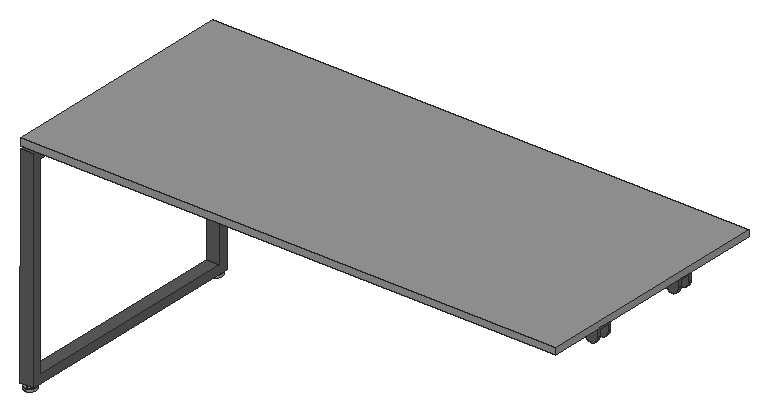
Revit family "Haworth_Tibas_Desk_Rectangular_EU_PRELIMINARY1", category Furniture, Revit 2019
Family settings
  OmniClass Number = 23.40.70.14.64.11
  OmniClass Title = Office Furniture
  Work Plane-Based = No
  Always vertical = Yes
  Cut with Voids When Loaded = No
  Shared = No
  Room Calculation Point = No
Parameters (values of type "200w")
  Worksurface Width = "120, 140, 160, 180, 200cm"  # constant formula
  Worksurface Depth = "60, 70, 80, 90cm"  # constant formula
  Warranty = "http://www.haworth.com/resources/product-info/warranties"
  U Shape Cable Outlet = no
  U-Leg Frame R [instance] = no
  U-Leg Frame [instance] = no
  Type Comments = ""
  URL = "https://www.haworth.com/eu/en.html"
  Trim Finish = Haworth _ Polymer _ Undecided
  Top Finish [instance] = Haworth _ Laminate _ Undecided _ Tables
  Structure = no
  Size = "Verify Final Dim.w/ Haworth"  # constant formula
  Round Cable Outlet = no
  Revision Number = "1"  # constant formula
  Return Extension = not(Structure)  # yes
  Product URL = "https://www.haworth.com/eu/en/products/office-desks/tibas.html"
  O-Leg Frame R [instance] = no
  O-Leg Frame [instance] = yes
  No Accessory Kit = not(or(Accessory Kit, Flip Top Cable Outlet, Round Cable Outlet))  # yes
  Model = "TILDXXXX"  # constant formula
  Manufacturer = "Haworth"  # constant formula
  Leg Height = Actual Height - 3.5 cm  # 80.0025 cm
  Horizontal Cable Tray Wire Single = not(or(No Accessory Kit, Horizontal Cable Tray Single))  # no
  Horizontal Cable Tray Single = no
  Flip Top Cable Outlet = no
  Epure Cable Outlet = no
  Description = "Haworth - Tibas - Desk - Rectangular"  # constant formula
  Cable Tray Width = Actual Width - 50 cm  # 150 cm
  Cable Tray Finish = Haworth _ Paint _ Metallic Silver
  Base Finish [instance] = Haworth _ Paint _ Black
  Author = "Haworth (Abd Rahman)"  # constant formula
  Assembly Code = "E2020200"
  Actual Width = 200 cm
  Actual Height = 83.5025 cm
  Actual Depth = if([60 Depth], 60 cm, if([70 Depth], 70 cm, if([80 Depth], 80 cm, 90 cm)))  # 90 cm
  Accessory Kit = and(or(Epure Cable Outlet, Flip Top Cable Outlet, Round Cable Outlet, U Shape Cable Outlet))  # no
  A-Leg Frame R [instance] = no
  A-Leg Frame [instance] = no
  90 Depth = yes
  80cm = no
  80 Depth = no
  70 Depth = not(or([60 Depth], [80 Depth], [90 Depth]))  # no
  60 Depth = no
  180cm = Actual Width = 200 cm  # yes
  160cm = Actual Width = 180 cm  # no
  140cm = Actual Width = 160 cm  # no
  120cm = Actual Width = 140 cm  # no
  100cm = Actual Width = 120 cm  # no
Reference planes (cm)
  plane 1 "Center F/B": y = 17.4526
  plane 2: z = 0
  plane 3 "Center L/R": x = 11.43
  plane 4 "Top": z = 83.5025
  plane 5 "Left": x = -88.57
  plane 6 "Right": x = 111.43
  plane 7 "Back": y = 62.4526
  plane 8 "Front": y = -27.5474
  plane 9: y = 39.9526
  plane 10: y = -5.0474
  plane 11: z = 81.0025
  plane 12: z = 80.0025
Dimensions and locks (cm)
  "Actual Height": plane 4 "Top" to level
  equal spacing: plane 7 "Back", plane 1 "Center F/B", plane 8 "Front"
  "Actual Depth": plane 7 "Back" to plane 8 "Front"
  equal spacing: plane 5 "Left", plane 3 "Center L/R", plane 6 "Right"
  "Actual Width": plane 5 "Left" to plane 6 "Right"
  equal spacing: plane 7 "Back", plane 9, plane 1 "Center F/B"
  equal spacing: plane 1 "Center F/B", plane 10, plane 8 "Front"
  plane 4 "Top" to plane 11 to plane 12 = 2.5 cm locked, 1 cm locked
  aligned and locked: plane 3 "Center L/R" to nested 1
  aligned and locked: plane 1 "Center F/B" to nested 1
  aligned and locked: nested 1 to plane 4 "Top"
  aligned and locked: plane 1 "Center F/B" to nested 5
  aligned and locked: nested 5 to plane 5 "Left"
  aligned and locked: plane 1 "Center F/B" to nested 2
  aligned and locked: nested 2 to plane 5 "Left"
  aligned and locked: plane 1 "Center F/B" to nested 4
  aligned and locked: nested 4 to plane 5 "Left"
  aligned and locked: nested 6 to plane 5 "Left"
  aligned and locked: plane 11 to nested 6
  aligned and locked: plane 5 "Left" to nested 3
  aligned and locked: nested 3 to plane 11
  aligned and locked: nested 6 to plane 10
  aligned and locked: plane 1 "Center F/B" to nested 9
  aligned and locked: plane 1 "Center F/B" to nested 7
  aligned and locked: plane 1 "Center F/B" to nested 8
  aligned and locked: nested 9 to plane 6 "Right"
  aligned and locked: nested 7 to plane 6 "Right"
  aligned and locked: nested 8 to plane 6 "Right"
  aligned and locked: nested 10 to plane 3 "Center L/R"
  aligned and locked: nested 10 to plane 11
  aligned and locked: plane 7 "Back" to nested 10
  aligned and locked: plane 3 "Center L/R" to nested 11
  aligned and locked: plane 7 "Back" to nested 11
  aligned and locked: plane 12 to nested 11
Nested families (cm)
  nested 1: "Haworth_Tibas_Top_Rectangular-PART" at (27.1159, 46.6626, -2), Top Finish <- "Top Finish", type "Rectangular Top"
    with Top Finish Haworth _ Laminate _ Undecided _ Tables, Void Depth 105 cm, U-Shape Cable Outlet no, Round Cable Outlet no, Flip Top Cable Outlet no, Epure Cable Outlet no, Actual Depth 90 cm
  nested 2: "Haworth_Tibas_Base_Ashape-Leg_PART" at (-70.3841, 46.6626, 0), Leg Finish <- "Base Finish", visible <- "A-Leg Frame", type "A Shaped - Leg Frame - PART L"
    with Leg Finish Haworth _ Paint _ Black, Actual Height 80.0025 cm, Actual Depth 90 cm
  nested 3: "Haworth_Tibas_Understructure_Beam-Leg_PART" at (-101.7559, 3.7426, 11.3025) x (-1, 0, 0) z (0, 0, 1), Leg Finish <- "Base Finish", type "Beam - Understructure - PART"
    with Leg Finish Haworth _ Paint _ Black, Structure no, Return Extension yes, Actual Width 200 cm
  nested 4: "Haworth_Tibas_Base_O-Leg_PART" at (-70.3841, 46.6626, 0), visible <- "O-Leg Frame", Leg Finish <- "Base Finish", type "O-Leg Frame - PART L"
    with Leg Finish Haworth _ Paint _ Black, Actual Height 80.0025 cm, Actual Depth 90 cm
  nested 5: "Haworth_Tibas_Base_U-Leg_PART" at (-70.3841, 46.6626, 0), visible <- "U-Leg Frame", Leg Finish <- "Base Finish", type "U-Leg Frame - PART L"
    with Leg Finish Haworth _ Paint _ Black, Actual Height 80.0025 cm, Actual Depth 90 cm
  nested 6: "Haworth_Tibas_Understructure_Beam-Leg_PART" at (-101.7559, 24.1626, 11.3025) x (-1, 0, 0) z (0, 0, 1), Leg Finish <- "Base Finish", type "Beam - Understructure - PART"
    with Leg Finish Haworth _ Paint _ Black, Structure no, Return Extension yes, Actual Width 200 cm
  nested 7: "Haworth_Tibas_Base_O-Leg_PART" at (124.6159, 46.6626, 0), Leg Finish <- "Base Finish", visible <- "O-Leg Frame R", type "O-Leg Frame - PART R"
    with Leg Finish Haworth _ Paint _ Black, Actual Height 80.0025 cm, Actual Depth 90 cm
  nested 8: "Haworth_Tibas_Base_U-Leg_PART" at (124.6159, 46.6626, 0), Leg Finish <- "Base Finish", visible <- "U-Leg Frame R", type "U-Leg Frame - PART R"
    with Leg Finish Haworth _ Paint _ Black, Actual Height 80.0025 cm, Actual Depth 90 cm
  nested 9: "Haworth_Tibas_Base_Ashape-Leg_PART" at (124.6159, 46.6626, 0), Leg Finish <- "Base Finish", visible <- "A-Leg Frame R", type "A Shaped - Leg Frame - PART R"
    with Leg Finish Haworth _ Paint _ Black, Actual Height 80.0025 cm, Actual Depth 90 cm
  nested 10: "Haworth_Tibas_CableManagement_HorizontalCableTraySingle_PART" at (-4.2559, 23.2426, 36.3025) x (-1, 0, 0) z (0, 0, 1), Cable Tray Finish <- "Cable Tray Finish", visible <- "Horizontal Cable Tray Single", type "Horizontal Cable Tray Single"
    with Cable Tray Finish Haworth _ Paint _ Metallic Silver, Actual Width 150 cm
  nested 11: "Haworth_Tibas_CableManagement_HorizontalCableTraySingleWire_PART" at (-9.3736, 66.8212, 3.0612), Cable Tray Finish <- "Cable Tray Finish", visible <- "Horizontal Cable Tray Wire Single", type "Wire Basket"
    with Cable Tray Finish Haworth _ Paint _ Metallic Silver, 80cm no, 200cm no, 160cm no, 140cm no, 120cm no, 100cm no
Definition of nested family "Haworth_Tibas_Top_Rectangular-PART"
  Parameters (values of type "Rectangular Top")
    Warranty = "http://www.haworth.com/resources/product-info/warranties"
    Void Depth = if(Epure Cable Outlet, 0 cm, Actual Depth + 15 cm)  # 0 cm
    URL - Product = ""
    URL = "https://www.haworth.com/eu/en.html"
    U-Shape Cable Outlet = yes
    Trim Finish = none
    Top Finish [instance] = none
    Thickness = 2.5 cm  # constant formula
    Size = "Verify Final Dim. w/ Haworth"  # constant formula
    Round Cable Outlet = yes
    Revision Number = "1"  # constant formula
    Model = "Haworth - Tibas"  # constant formula
    Manufacturer = "Haworth"  # constant formula
    Flip Top Cable Outlet = yes
    Epure Cable Outlet = yes
    Description = "Haworth - Tibas"  # constant formula
    Author = "Haworth (Abd Rahman)"  # constant formula
    Assembly Code = "E2020200"
    Actual Width = 200 cm
    Actual Mounting Height = 83.5025 cm
    Actual Depth = 80 cm
  Reference planes (cm)
    plane 1: z = -0.5
    plane 2 "Center L/R": x = -15.6859
    plane 3 "Center F/B": y = -29.21
    plane 4 "Top of top": z = 85.5025
    plane 5 "Back": y = 10.79
    plane 6 "Front": y = -69.21
    plane 7 "Left": x = -115.6859
    plane 8 "Right": x = 84.3141
    plane 9 "Bottom of top": z = 83.0025
    plane 10: y = 2.79
    plane 11: x = -100.6859
    plane 12: x = 69.3141
    plane 13: y = 10.79
    plane 14: y = 10.79
    plane 15: y = 10.79
    plane 16: y = 10.79
  Forms (cm)
    Extrusion 1, solid, material <- "Top Finish"
      sketch origin (0, 0, 0) x (1, 0, 0) y (0, 1, 0)
        loop
          line (-115.6859, 10.79) -> (-115.6859, -69.21) -> (84.3141, -69.21) -> (84.3141, 10.79) -> (-115.6859, 10.79)
      from 83.0025 to 85.5025
    Extrusion 2, void
      sketch origin (0, 0, 0) x (1, 0, 0) y (0, 1, 0)
        loop
          circle (-100.6859, 10.79) r 4
        loop
          circle (69.3141, 10.79) r 4
      from -47.9092 to 135.8317
  Cuts and joins
    Extrusion 2 cuts Extrusion 1
  Lines and regions (cm)
    Masking region 1
      outline origin (0, 0, 0) x (1, 0, 0) y (0, 1, 0)
        loop
          line (-115.6859, 10.79) -> (-115.6859, -69.21) -> (84.3141, -69.21) -> (84.3141, 10.79) -> (-115.6859, 10.79)
  Dimensions and locks (cm)
    equal spacing: plane 5 "Back", plane 3 "Center F/B", plane 6 "Front"
    "Actual Depth": plane 5 "Back" to plane 6 "Front"
    equal spacing: plane 7 "Left", plane 2 "Center L/R", plane 8 "Right"
    "Actual Width": plane 7 "Left" to plane 8 "Right"
    "Thickness": plane 4 "Top of top" to plane 9 "Bottom of top"
    "Actual Mounting Height": plane 9 "Bottom of top" to plane 1
    locked: plane 5 "Back" to plane 10 at 8
    plane 7 "Left" to plane 11 = 15 cm
    locked: plane 8 "Right" to plane 12 at 15
    "Void Depth": plane 13 to plane 14
    "Void Depth": plane 15 to plane 16
    aligned and locked: plane 8 "Right" to Extrusion 1 sketch curve
    aligned and locked: plane 7 "Left" to Extrusion 1 sketch curve
    aligned and locked: plane 6 "Front" to Extrusion 1 sketch curve
    aligned and locked: Extrusion 1 sketch curve to plane 5 "Back"
    aligned and locked: plane 4 "Top of top" to Extrusion 1
    aligned and locked: Extrusion 1 to plane 9 "Bottom of top"
    aligned and locked: plane 8 "Right" to Masking region 1 sketch curve
    aligned and locked: Masking region 1 sketch curve to plane 5 "Back"
    aligned and locked: plane 7 "Left" to Masking region 1 sketch curve
    aligned and locked: plane 6 "Front" to Masking region 1 sketch curve
    aligned and locked: nested 1 to plane 4 "Top of top"
    aligned and locked: plane 12 to nested 1
    aligned and locked: plane 10 to nested 1
    aligned and locked: nested 2 to plane 11
    aligned and locked: nested 2 to plane 10
    aligned and locked: nested 3 to plane 11
    aligned and locked: nested 3 to plane 5 "Back"
    aligned and locked: nested 3 to plane 4 "Top of top"
    aligned and locked: plane 12 to nested 4
    aligned and locked: plane 5 "Back" to nested 4
    aligned and locked: plane 4 "Top of top" to nested 4
    aligned and locked: plane 2 "Center L/R" to nested 5
    aligned and locked: plane 10 to nested 5
    aligned and locked: nested 5 to plane 4 "Top of top"
    aligned and locked: plane 11 to Extrusion 2 sketch curve
    aligned and locked: plane 4 "Top of top" to nested 2
    aligned and locked: plane 13 to plane 5 "Back"
    aligned and locked: plane 12 to Extrusion 2 sketch curve
    aligned and locked: plane 15 to plane 5 "Back"
    aligned and locked: plane 16 to Extrusion 2 sketch curve
    aligned and locked: plane 14 to Extrusion 2 sketch curve
  Automatic sketch dimensions
    radius of Extrusion 2 sketch curve = 4 cm  (x2)
  Nested families (cm)
    nested 1: "Haworth_Grommet-PART" at (53.6282, 32, 33.2793) x (-1, 0, 0) z (0, 0, 1), visible <- "Round Cable Outlet", type "Cable Outlet"
      with Vertical no, Horizontal yes
    nested 2: "Haworth_Grommet-PART" at (-85, 32, 33.2793), visible <- "Round Cable Outlet", type "Cable Outlet"
      with Vertical no, Horizontal yes
    nested 3: "Haworth_CableOutlet_U-Shape_PART" at (-85, 37.2731, 29.7793), visible <- "U-Shape Cable Outlet", type "Cable Outlet"
    nested 4: "Haworth_CableOutlet_U-Shape_PART" at (53.6282, 37.2731, 29.7793) x (-1, 0, 0) z (0, 0, 1), visible <- "U-Shape Cable Outlet", type "Cable Outlet"
    nested 5: "Haworth-Flip Top" at (-17.1347, -2.8433, 5.5025), visible <- "Flip Top Cable Outlet", type "Flip Top - Visio"
      with Actual Width 20 cm, Actual Depth 11 cm
  Definition of nested family "Haworth_Grommet-PART"
    Parameters (values of type "Cable Outlet")
      Warranty = "http://www.haworth.com/resources/product-info/warranties"
      Vertical = yes
      URL = "www.haworth.com"
      Trim Finish = none
      Size = "Verify Final Dim. w/ Haworth"  # constant formula
      Revision Number = "1"  # constant formula
      Model = "X742"  # constant formula
      Manufacturer = "Haworth"  # constant formula
      Horizontal = no
      Description = "Haworth - Cable Outlet - 25mm"  # constant formula
      Author = "Haworth (Abd Rahman)"  # constant formula
      Assembly Code = "E2020200"
      Actual Width = 9 cm  # constant formula
      Actual Height = 0.2 cm  # constant formula
      Actual Depth = 9 cm  # constant formula
    Reference planes (cm)
      plane 1: z = 52.2232
      plane 2 "Center L/R": x = -15.6859
      plane 3 "Center F/B": y = -29.21
      plane 4 "Top": z = 52.4232
      plane 5 "Back": y = -24.71
      plane 6 "Front": y = -33.71
      plane 7 "Right": x = -11.1859
      plane 8 "Left": x = -20.1859
      plane 9: x = -15.505
    Forms (cm)
      Revolve 1, solid, material <- "Trim Finish", visible <- "Vertical"
        sketch origin (-67.9273, -29.21, 36.6305) x (0, 0, 1) y (1, 0, 0)
          loop
            line (15.6859, 52.4223) -> (11.5684, 52.4223)
            arc (11.5684, 52.4223) -> (11.398, 52.3576) -> (11.2576, 52.2414) r 0.557
            line (11.2576, 52.2414) -> (15.6859, 52.2414) -> (15.6859, 52.4223)
          axis (15.6859, 52.4223) -> (15.6859, 52.2414)
        angle from 0 to 360
      Extrusion 2, void
        sketch origin (-67.9273, 0.0749, 36.6305) x (0, 0, -1) y (0, 1, 0)
          loop
            line (-17.5569, -26.0506) -> (-17.3333, -28.1782)
            arc (-17.3333, -28.1782) -> (-17.1796, -28.323) -> (-16.9822, -28.2479) r 0.1989
            arc (-16.9822, -28.2479) -> (-16.9186, -28.1652) -> (-16.8471, -28.0891) r 1.0616
            arc (-16.8471, -28.0891) -> (-16.3186, -27.7135) -> (-15.6859, -27.5721) r 1.6402
            arc (-15.6859, -27.5721) -> (-15.1781, -27.6415) -> (-14.7164, -27.8643) r 1.6402
            arc (-14.7164, -27.8643) -> (-14.5025, -27.8909) -> (-14.3853, -27.7099) r 0.203
            line (-14.3853, -27.7099) -> (-14.1679, -25.8137)
            arc (-14.1679, -25.8137) -> (-15.8906, -25.5293) -> (-17.5569, -26.0506) r 3.7744
        from 0 to 71.12
      Revolve 3, solid, material <- "Trim Finish", visible <- "Horizontal"
        sketch origin (-0.0331, -29.3081, 0.0151) x (-1, 0, 0) y (0, 0, 1)
          loop
            line (15.6859, 52.408) -> (11.5287, 52.408)
            arc (11.5287, 52.408) -> (11.3569, 52.3343) -> (11.219, 52.208) r 0.5592
            line (11.219, 52.208) -> (15.6859, 52.208) -> (15.6859, 52.408)
          axis (15.6859, 52.408) -> (15.6859, 52.208)
        angle from 0 to 360
      Extrusion 4, void
        sketch origin (-0.0331, -0.0232, 0.0151) x (1, 0, 0) y (0, 1, 0)
          loop
            line (-17.5569, -26.0506) -> (-17.3333, -28.1782)
            arc (-17.3333, -28.1782) -> (-17.1796, -28.323) -> (-16.9822, -28.2479) r 0.1989
            arc (-16.9822, -28.2479) -> (-16.9186, -28.1652) -> (-16.8471, -28.0891) r 1.0616
            arc (-16.8471, -28.0891) -> (-16.3186, -27.7135) -> (-15.6859, -27.5721) r 1.6402
            arc (-15.6859, -27.5721) -> (-15.1781, -27.6415) -> (-14.7164, -27.8643) r 1.6402
            arc (-14.7164, -27.8643) -> (-14.5025, -27.8909) -> (-14.3853, -27.7099) r 0.203
            line (-14.3853, -27.7099) -> (-14.1679, -25.8137)
            arc (-14.1679, -25.8137) -> (-15.8906, -25.5293) -> (-17.5569, -26.0506) r 3.7744
        from 0 to 71.12
    Cuts and joins
      Extrusion 2 cuts Revolve 1
      Extrusion 4 cuts Revolve 3
    Lines and regions (cm)
      Masking region 1
        outline origin (0, 0, 0) x (1, 0, 0) y (0, 1, 0)
          loop
            circle (-15.6859, -29.2849) r 4.4363
          loop
            circle (-15.6859, -29.2849) r 4.0899
          loop
            line (-14.3853, -27.7099) -> (-14.1679, -25.8137)
            arc (-14.1679, -25.8137) -> (-15.8906, -25.5293) -> (-17.5569, -26.0506) r 3.7744
            line (-17.5569, -26.0506) -> (-17.3333, -28.1782)
            arc (-17.3333, -28.1782) -> (-17.1796, -28.323) -> (-16.9822, -28.2479) r 0.1989
            arc (-16.9822, -28.2479) -> (-16.9186, -28.1652) -> (-16.8471, -28.0891) r 1.0616
            arc (-16.8471, -28.0891) -> (-16.3186, -27.7135) -> (-15.6859, -27.5721) r 1.6402
            arc (-15.6859, -27.5721) -> (-15.1781, -27.6415) -> (-14.7164, -27.8643) r 1.6402
            arc (-14.7164, -27.8643) -> (-14.5025, -27.8909) -> (-14.3853, -27.7099) r 0.203
    Dimensions and locks (cm)
      equal spacing: plane 8 "Left", plane 2 "Center L/R", plane 7 "Right"
      "Actual Width": plane 8 "Left" to plane 7 "Right"
      equal spacing: plane 5 "Back", plane 3 "Center F/B", plane 6 "Front"
      "Actual Depth": plane 5 "Back" to plane 6 "Front"
      "Actual Height": plane 4 "Top" to plane 1
      aligned and locked: plane 3 "Center F/B" to cut or joined group of Revolve 1, Extrusion 2  (x2)
      aligned and locked: cut or joined group of Revolve 3, Extrusion 4 to plane 4 "Top"
      aligned and locked: cut or joined group of Revolve 3, Extrusion 4 to plane 1
      aligned and locked: cut or joined group of Revolve 1, Extrusion 2 to plane 2 "Center L/R"
      aligned and locked: plane 9 to cut or joined group of Revolve 1, Extrusion 2
    Automatic sketch dimensions
      Revolve 1 sketch curve to plane 1 = 4.335 cm
      Revolve 1 sketch curve to Revolve 1 sketch curve = 0.3107 cm
      Revolve 1 sketch curve to Revolve 1 sketch curve = 0.1099 cm
      Revolve 1 sketch curve to Revolve 1 sketch curve = 4.0077 cm
      Revolve 1 sketch curve to plane 7 "Right" = 4.8651 cm
      Revolve 1 sketch curve to Revolve 1 sketch curve = 0.3651 cm
      Revolve 1 sketch curve to Revolve 1 sketch curve = 0 cm  (x2)
      Revolve 1 sketch curve to Revolve 1 sketch curve = 0.0195 cm
      Extrusion 2 sketch curve to Extrusion 2 sketch curve = 0 cm  (x2)
      plane 1 to Extrusion 2 sketch curve = 1.9643 cm
      Extrusion 2 sketch curve to Extrusion 2 sketch curve = 0.4161 cm
      Extrusion 2 sketch curve to Extrusion 2 sketch curve = 1.0307 cm
      Extrusion 2 sketch curve to Extrusion 2 sketch curve = 0.4587 cm
      Extrusion 2 sketch curve to Extrusion 2 sketch curve = 0.0242 cm
      Extrusion 2 sketch curve to Extrusion 2 sketch curve = 1.0632 cm
      Extrusion 2 sketch curve to Extrusion 2 sketch curve = 0.203 cm
      Extrusion 2 sketch curve to Extrusion 2 sketch curve = 0.2174 cm
      Extrusion 2 sketch curve to plane 5 "Back" = 4.5096 cm
      Extrusion 2 sketch curve to Extrusion 2 sketch curve = 0.0825 cm
      Extrusion 2 sketch curve to Extrusion 2 sketch curve = 0.3588 cm
      Extrusion 2 sketch curve to Extrusion 2 sketch curve = 0.7253 cm
      Extrusion 2 sketch curve to Extrusion 2 sketch curve = 1.502 cm
      Extrusion 2 sketch curve to Extrusion 2 sketch curve = 0.0031 cm
      Extrusion 2 sketch curve to Extrusion 2 sketch curve = 2.0772 cm
      Extrusion 2 sketch curve to Extrusion 2 sketch curve = 0.1925 cm
      Extrusion 2 sketch curve to Extrusion 2 sketch curve = 0.1586 cm
      Extrusion 2 sketch curve to Extrusion 2 sketch curve = 0.1352 cm
      Extrusion 2 sketch curve to Extrusion 2 sketch curve = 1.0976 cm
      Extrusion 2 sketch curve to Extrusion 2 sketch curve = 0.1281 cm
      Masking region 1 sketch curve to Masking region 1 sketch curve = 0 cm  (x4)
      Masking region 1 sketch curve to plane 2 "Center L/R" = 0 cm  (x2)
      Masking region 1 sketch curve to plane 2 "Center L/R" = 0.4242 cm
      Masking region 1 sketch curve to Masking region 1 sketch curve = 1.0307 cm
      Masking region 1 sketch curve to plane 3 "Center F/B" = 1.0318 cm
      Masking region 1 sketch curve to Masking region 1 sketch curve = 0.1925 cm
      Masking region 1 sketch curve to plane 2 "Center L/R" = 1.871 cm
      plane 3 "Center F/B" to Masking region 1 sketch curve = 0.002 cm
      plane 2 "Center L/R" to Masking region 1 sketch curve = 0.0345 cm
      plane 2 "Center L/R" to Masking region 1 sketch curve = 0.0586 cm
      plane 2 "Center L/R" to Masking region 1 sketch curve = 1.0976 cm
      Masking region 1 sketch curve to Masking region 1 sketch curve = 0.203 cm
      plane 2 "Center L/R" to Masking region 1 sketch curve = 1.518 cm
      plane 3 "Center F/B" to Masking region 1 sketch curve = 0.0749 cm
      Masking region 1 sketch curve to Masking region 1 sketch curve = 0.0096 cm
      Masking region 1 sketch curve to plane 3 "Center F/B" = 0.3569 cm
      Masking region 1 sketch curve to Masking region 1 sketch curve = 0.0504 cm
      Masking region 1 sketch curve to plane 3 "Center F/B" = 1.5001 cm
      Masking region 1 sketch curve to Masking region 1 sketch curve = 0.0031 cm
      Masking region 1 sketch curve to plane 5 "Back" = 1.3406 cm
      Masking region 1 sketch curve to Masking region 1 sketch curve = 0.2938 cm
      Masking region 1 sketch curve to Masking region 1 sketch curve = 0.1586 cm
      Revolve 3 sketch curve to plane 7 "Right" = 0.0663 cm
      Revolve 3 sketch curve to Revolve 3 sketch curve = 0.3096 cm
      Revolve 3 sketch curve to Revolve 3 sketch curve = 0.1316 cm
      Revolve 3 sketch curve to Revolve 3 sketch curve = 4.0256 cm
      Revolve 3 sketch curve to plane 4 "Top" = 0.5434 cm
      Revolve 3 sketch curve to Revolve 3 sketch curve = 0.3434 cm
      Revolve 3 sketch curve to Revolve 3 sketch curve = 0 cm
      Revolve 3 sketch curve to Revolve 3 sketch curve = 0.0151 cm  (x2)
      Extrusion 4 sketch curve to Extrusion 4 sketch curve = 0 cm  (x2)
      Extrusion 4 sketch curve to plane 7 "Right" = 6.4042 cm
      Extrusion 4 sketch curve to Extrusion 4 sketch curve = 0.4161 cm
      Extrusion 4 sketch curve to Extrusion 4 sketch curve = 1.0307 cm
      Extrusion 4 sketch curve to Extrusion 4 sketch curve = 0.4587 cm
      Extrusion 4 sketch curve to Extrusion 4 sketch curve = 0.0242 cm
      Extrusion 4 sketch curve to Extrusion 4 sketch curve = 1.0632 cm
      Extrusion 4 sketch curve to Extrusion 4 sketch curve = 0.203 cm
      Extrusion 4 sketch curve to Extrusion 4 sketch curve = 0.2174 cm
      Extrusion 4 sketch curve to plane 5 "Back" = 4.6077 cm
      Extrusion 4 sketch curve to Extrusion 4 sketch curve = 0.0825 cm
      Extrusion 4 sketch curve to Extrusion 4 sketch curve = 0.3588 cm
      Extrusion 4 sketch curve to Extrusion 4 sketch curve = 0.7253 cm
      Extrusion 4 sketch curve to Extrusion 4 sketch curve = 1.502 cm
      Extrusion 4 sketch curve to Extrusion 4 sketch curve = 0.0031 cm
      Extrusion 4 sketch curve to Extrusion 4 sketch curve = 2.0772 cm
      Extrusion 4 sketch curve to Extrusion 4 sketch curve = 0.1925 cm
      Extrusion 4 sketch curve to Extrusion 4 sketch curve = 0.1586 cm
      Extrusion 4 sketch curve to Extrusion 4 sketch curve = 0.1352 cm
      Extrusion 4 sketch curve to Extrusion 4 sketch curve = 1.0976 cm
      Extrusion 4 sketch curve to Extrusion 4 sketch curve = 0.1281 cm
      radius of Masking region 1 sketch curve = 4.4363 cm
      radius of Masking region 1 sketch curve = 4.0899 cm
  Definition of nested family "Haworth_CableOutlet_U-Shape_PART"
    Parameters (values of type "Cable Outlet")
      Warranty = "http://www.haworth.com/resources/product-info/warranties"
      URL = "www.haworth.com"
      Trim Finish = none
      Sustainability Info = "https://www.haworth.com/company-info/sustainability"
      Size = "Verify Final Dim. w/ Haworth"  # constant formula
      Revision Number = "1"  # constant formula
      Model = "X742"  # constant formula
      Manufacturer = "Haworth"  # constant formula
      Description = "Haworth - Cable Outlet - U - Shape"  # constant formula
      Author = "Haworth (Abd Rahman)"  # constant formula
      Assembly Code = "E2020200"
      Actual Width = 7 cm  # constant formula
      Actual Height = 4 cm  # constant formula
      Actual Depth = 7 cm  # constant formula
    Reference planes (cm)
      plane 1: z = 52.2232
      plane 2 "Center L/R": x = -15.6859
      plane 3 "Center F/B": y = -29.21
      plane 4 "Top": z = 56.2232
      plane 5 "Back": y = -25.71
      plane 6 "Front": y = -32.71
      plane 7 "Right": x = -12.1859
      plane 8 "Left": x = -19.1859
    Forms (cm)
      Extrusion 1, solid, material <- "Trim Finish"
        sketch origin (-12.1859, 0, 0) x (0, 1, 0) y (0, 0, 1)
          loop
            line (-32.71, 56.2232) -> (-32.71, 55.7232) -> (-26.4831, 55.7232) -> (-26.4831, 52.7232) -> (-32.71, 52.7232) -> (-32.71, 52.2232) -> (-25.71, 52.2232) -> (-25.71, 53.0231) -> (-25.71, 55.5734) -> (-25.71, 56.2232) -> (-32.71, 56.2232)
        from -7 to 0
    Lines and regions (cm)
      Masking region 1
        outline origin (0, 0, 0) x (1, 0, 0) y (0, 1, 0)
          loop
            line (-19.1859, -25.71) -> (-19.1859, -32.71) -> (-12.1859, -32.71) -> (-12.1859, -25.71) -> (-19.1859, -25.71)
    Dimensions and locks (cm)
      equal spacing: plane 8 "Left", plane 2 "Center L/R", plane 7 "Right"
      "Actual Width": plane 8 "Left" to plane 7 "Right"
      equal spacing: plane 5 "Back", plane 3 "Center F/B", plane 6 "Front"
      "Actual Depth": plane 5 "Back" to plane 6 "Front"
      "Actual Height": plane 4 "Top" to plane 1
      aligned and locked: Extrusion 1 to plane 8 "Left"
      aligned and locked: plane 7 "Right" to Extrusion 1
      aligned and locked: Masking region 1 sketch curve to plane 7 "Right"
      aligned and locked: Masking region 1 sketch curve to plane 5 "Back"
      aligned and locked: plane 8 "Left" to Masking region 1 sketch curve
      aligned and locked: plane 6 "Front" to Masking region 1 sketch curve
    Automatic sketch dimensions
      Extrusion 1 sketch curve to plane 4 "Top" = 0 cm
      Extrusion 1 sketch curve to plane 6 "Front" = 0 cm  (x2)
      Extrusion 1 sketch curve to plane 5 "Back" = 0 cm
      Extrusion 1 sketch curve to plane 1 = 0 cm
      Extrusion 1 sketch curve to Extrusion 1 sketch curve = 0.2999 cm
      Extrusion 1 sketch curve to Extrusion 1 sketch curve = 0.7731 cm
      Extrusion 1 sketch curve to plane 4 "Top" = 0.6498 cm
      Extrusion 1 sketch curve to plane 4 "Top" = 0.5 cm
      plane 1 to Extrusion 1 sketch curve = 0.7999 cm
  Definition of nested family "Haworth-Flip Top"
    Parameters (values of type "Flip Top - Visio")
      Warranty = ""
      URL - Product = ""
      URL = ""
      Sustainability Info = ""
      Size = "Verify Final Dim. w/ Haworth"  # constant formula
      Single Sided = no
      Single Sided Wide = yes
      Revision Number = ""
      OmniClass Number = ""
      Material Options = ""
      Manufacturer = "Haworth"  # constant formula
      LEED Data = ""
      Flip Top Height = 2.5 cm
      Flip Top Finish = none
      Double Sided = no
      Double Sided Wide = no
      Author = "SHAPE Environments, LLC"  # constant formula
      Assembly Code = ""
      Actual Width = 12 cm
      Actual Height = 80 cm
      Actual Depth = 8 cm
    Types (2, lengths in cm): name | Flip Top Height | Actual Width | Actual Height | Actual Depth
      Flip Top - Visio | 2.5 | 12 | 80 | 8
      Flip Top Cable Tray | 6.985 | 28.575 | 73.66 | 11.1125
    Reference planes (cm)
      plane 1 "Center F/B": y = 0.1333
      plane 2: z = 0
      plane 3 "Center L/R": x = 1.4487
      plane 4 "Back": y = 4.1333
      plane 5 "Right": x = 7.4487
      plane 6 "Front": y = -3.8667
      plane 7 "Left": x = -4.5513
      plane 8 "Table Height": z = 80
      plane 9: z = 77.5
    Forms (cm)
      Extrusion 1, solid, material <- "Flip Top Finish"
        sketch origin (0, 0, 80) x (-1, 0, 0) y (0, -1, 0)
          loop
            line (4.5513, -4.1333) -> (4.5513, 3.8667) -> (-7.4487, 3.8667) -> (-7.4487, -4.1333) -> (4.5513, -4.1333)
        from 0 to 0.3175
      Extrusion 2, solid, material <- "Flip Top Finish"
        sketch origin (0, 0, 80) x (-1, 0, 0) y (0, -1, 0)
          loop
            line (4.2338, -3.6571) -> (4.2338, 3.3904) -> (-7.1312, 3.3904) -> (-7.1312, -3.6571) -> (4.2338, -3.6571)
        from 0 to -2.5
    Cuts and joins
      joined: Extrusion 1, Extrusion 2
    Lines and regions (cm)
      symbolic lines
        curve 1: line (-4.5513, 4.1333, 80) -> (7.4487, 4.1333, 80)
        curve 2: line (-4.5513, -3.8667, 80) -> (-4.5513, 4.1333, 80)
        curve 3: line (7.4487, -3.8667, 80) -> (-4.5513, -3.8667, 80)
        curve 4: line (7.4487, 4.1333, 80) -> (7.4487, -3.8667, 80)
    Dimensions and locks (cm)
      equal spacing: plane 7 "Left", plane 3 "Center L/R", plane 5 "Right"
      "Actual Width": plane 7 "Left" to plane 5 "Right"
      equal spacing: plane 6 "Front", plane 1 "Center F/B", plane 4 "Back"
      "Actual Depth": plane 4 "Back" to plane 6 "Front"
      plane 7 "Left" to Extrusion 2 sketch curve = 0.3175 cm
      plane 4 "Back" to Extrusion 2 sketch curve = 0.4762 cm
      Extrusion 2 sketch curve to plane 5 "Right" = 0.3175 cm
      Extrusion 2 sketch curve to plane 6 "Front" = 0.4763 cm
      "Actual Height": plane 8 "Table Height" to level
      "Flip Top Height": plane 8 "Table Height" to plane 9
      aligned and locked: plane 7 "Left" to Extrusion 1 sketch curve
      aligned and locked: Extrusion 1 sketch curve to plane 4 "Back"
      aligned and locked: plane 6 "Front" to Extrusion 1 sketch curve
      aligned and locked: Extrusion 1 sketch curve to plane 5 "Right"
      aligned and locked: plane 9 to cut or joined group of Extrusion 1, Extrusion 2
    Automatic sketch dimensions
      curve 4 to plane 5 "Right" = 0 cm
      curve 2 to plane 4 "Back" = 0 cm
      curve 2 to plane 7 "Left" = 0 cm
      curve 4 to plane 6 "Front" = 0 cm
Definition of nested family "Haworth_Tibas_Base_Ashape-Leg_PART"
  Parameters (values of type "A Shaped - Leg Frame - PART L")
    Warranty = "http://www.haworth.com/resources/product-info/warranties"
    URL - Product = "https://www.haworth.com/eu/products/tables/desks/tibas"
    URL = "https://www.haworth.com/ap/en.html"
    Size = "Verify Final Dim. w/ Haworth"  # constant formula
    Revision Number = "1"  # constant formula
    Model = "Haworth - Tibas"  # constant formula
    Manufacturer = "Haworth"  # constant formula
    Leg Finish [instance] = none
    Glide Finish = none
    Description = "Haworth - Tibas - PART"  # constant formula
    Author = "Haworth (Abd Rahman)"  # constant formula
    Assembly Code = "E2020200"
    Actual Width = 5 cm  # constant formula
    Actual Height = 70.5 cm
    Actual Depth = 60 cm
  Types (2): name
    A Shaped - Leg Frame - PART L
    A Shaped - Leg Frame - PART R
  Reference planes (cm)
    plane 1: z = 0
    plane 2 "Center L/R": x = -15.6859
    plane 3 "Center F/B": y = -29.21
    plane 4 "Top": z = 70.5
    plane 5: z = 1.5979
    plane 6: z = 67.5
    plane 7: x = -18.1859
    plane 8: x = -13.1859
    plane 9: y = 0.79
    plane 10: y = -59.21
    plane 11: y = -0.71
    plane 12: y = 1.5061
    plane 13: y = -57.71
    plane 14: y = -59.9261
    plane 15: z = 4.5979
    plane 16: y = -12.21
    plane 17: y = -56.21
    plane 18: y = -43.5253
    plane 19: y = -45.9259
    plane 20: y = -45.9259
    plane 21: y = -1.9288
    plane 22: y = -14.6134
    plane 23: y = -12.2129
  Forms (cm)
    Extrusion 1, solid, material <- "Leg Finish"
      sketch origin (-15.6859, 0, 0) x (0, 1, 0) y (0, 0, 1)
        loop
          line (-45.9259, 70.5) -> (-45.9259, 67.5) -> (-12.21, 67.5) -> (-12.21, 70.5) -> (-45.9259, 70.5)
      from -2.5 to 2.5
    Revolve 2, solid
      sketch origin (-15.6859, 1.79, 0) x (0, 1, 0) y (0, 0, 1)
        loop
          line (-2.5, 1.5979) -> (-2.5, 0) -> (-0.2839, 0) -> (-0.2839, 0.6) -> (-1.5146, 0.6) -> (-2, 1.0854) -> (-2, 1.5979) -> (-2.5, 1.5979)
        axis (-2.5, 1.5979) -> (-2.5, 0)
      angle from 0 to 360
    Revolve 3, solid
      sketch origin (-15.6859, -60.21, 0) x (0, -1, 0) y (0, 0, 1)
        loop
          line (-2.5, 1.5979) -> (-2.5, 0) -> (-0.2839, 0) -> (-0.2839, 0.6) -> (-1.5146, 0.6) -> (-2, 1.0854) -> (-2, 1.5979) -> (-2.5, 1.5979)
        axis (-2.5, 1.5979) -> (-2.5, 0)
      angle from 0 to 360
    Blend 4, solid, material <- "Leg Finish"
      base sketch origin (0, 0, 0) x (1, 0, 0) y (0, 1, 0)
        loop
          line (-18.1859, -56.21) -> (-18.1859, -59.21) -> (-13.1859, -59.21) -> (-13.1859, -56.21) -> (-18.1859, -56.21)
      top sketch origin (0, 0, 0) x (1, 0, 0) y (0, 1, 0)
        loop
          line (-18.1859, -43.5253) -> (-18.1859, -45.9259) -> (-13.1859, -45.9259) -> (-13.1859, -43.5253) -> (-18.1859, -43.5253)
      from 1.5979 to 70.5
    Blend 5, solid, material <- "Leg Finish"
      base sketch origin (0, -58.1388, 0) x (1, 0, 0) y (0, 1, 0)
        loop
          line (-18.1859, 56.21) -> (-13.1859, 56.21) -> (-13.1859, 59.21) -> (-18.1859, 59.21) -> (-18.1859, 56.21)
      top sketch origin (0, -58.1388, 0) x (1, 0, 0) y (0, 1, 0)
        loop
          line (-18.1859, 43.5253) -> (-13.1859, 43.5253) -> (-13.1859, 45.9259) -> (-18.1859, 45.9259) -> (-18.1859, 43.5253)
      from 1.5979 to 70.5
  Lines and regions (cm)
    Masking region 1
      outline origin (0, 0, 0) x (1, 0, 0) y (0, 1, 0)
        loop
          line (-18.1859, 0.79) -> (-18.1859, -59.21) -> (-13.1859, -59.21) -> (-13.1859, 0.79) -> (-18.1859, 0.79)
    Masking region 2
      outline origin (0, 0, 0) x (1, 0, 0) y (0, 1, 0)
        loop
          line (-18.1859, 0.79) -> (-18.1859, -59.21) -> (-13.1859, -59.21) -> (-13.1859, 0.79) -> (-18.1859, 0.79)
  Dimensions and locks (cm)
    "Actual Height": plane 4 "Top" to plane 1
    equal spacing: plane 9, plane 3 "Center F/B", plane 10
    "Actual Depth": plane 9 to plane 10
    equal spacing: plane 7, plane 2 "Center L/R", plane 8
    "Actual Width": plane 7 to plane 8
    "Actual Height": plane 4 "Top" to level
    locked: plane 6 to plane 4 "Top" at 3
    locked: plane 5 to level at 1.5979
    plane 11 to plane 9 to plane 12 = 1.5 cm locked, 0.7161 cm locked
    plane 14 to plane 10 to plane 13 = 0.7161 cm locked, 1.5 cm locked
    locked: plane 15 to plane 5 at 3
    locked: plane 16 to plane 9 at 13
    locked: plane 17 to plane 10 at 3
    locked: plane 10 to plane 20 at 13.2841
    plane 21 to plane 9 = 2.7187 cm
    plane 22 to plane 23 to plane 9 = 2.4006 cm locked, 13.0029 cm locked
    plane 18 to plane 19 to plane 10 = 2.4006 cm locked, 13.2841 cm locked
    aligned and locked: Extrusion 1 sketch curve to plane 4 "Top"
    aligned and locked: Extrusion 1 sketch curve to plane 6
    aligned and locked: plane 8 to Masking region 1 sketch curve
    aligned and locked: Masking region 1 sketch curve to plane 9
    aligned and locked: Masking region 1 sketch curve to plane 7
    aligned and locked: Masking region 1 sketch curve to plane 10
    aligned and locked: Revolve 2 sketch curve to plane 11  (x2)
    aligned and locked: plane 12 to Revolve 2 sketch curve
    aligned and locked: plane 13 to Revolve 3 sketch curve  (x2)
    aligned and locked: Revolve 3 sketch curve to plane 14
    aligned and locked: Revolve 3 sketch curve to plane 5
    aligned and locked: Revolve 3 sketch curve to plane 1
    aligned and locked: plane 5 to Revolve 2 sketch curve
    aligned and locked: plane 1 to Revolve 2 sketch curve
    aligned and locked: Blend 4 sketch curve to plane 10
    aligned and locked: Blend 4 sketch curve to plane 17
    aligned and locked: plane 8 to Blend 4 sketch curve  (x2)
    aligned and locked: Blend 4 sketch curve to plane 7  (x2)
    aligned and locked: plane 4 "Top" to Blend 4
    aligned and locked: Blend 4 to plane 5
    aligned and locked: Blend 5 sketch curve to plane 21
    aligned and locked: Blend 5 sketch curve to plane 22
    aligned and locked: Blend 5 sketch curve to plane 23
    aligned and locked: Blend 4 sketch curve to plane 18
    aligned and locked: plane 19 to Blend 4 sketch curve
    aligned and locked: plane 8 to Masking region 2 sketch curve
    aligned and locked: Masking region 2 sketch curve to plane 9
    aligned and locked: Masking region 2 sketch curve to plane 7
    aligned and locked: Masking region 2 sketch curve to plane 10
    aligned and locked: plane 4 "Top" to Blend 5
  Automatic sketch dimensions
    Extrusion 1 sketch curve to plane 20 = 0 cm
    Extrusion 1 sketch curve to plane 16 = 0 cm
    Revolve 2 sketch curve to level = 0 cm
    Revolve 2 sketch curve to plane 5 = 0 cm
    Revolve 2 sketch curve to Revolve 2 sketch curve = 0.5 cm
    Revolve 2 sketch curve to plane 9 = 0.5146 cm
    Revolve 2 sketch curve to Revolve 2 sketch curve = 0.6 cm
    Revolve 2 sketch curve to Revolve 2 sketch curve = 0.5126 cm
    Revolve 3 sketch curve to level = 0 cm
    Revolve 3 sketch curve to plane 5 = 0 cm
    Revolve 3 sketch curve to Revolve 3 sketch curve = 0.5 cm
    plane 10 to Revolve 3 sketch curve = 0.5146 cm
    Revolve 3 sketch curve to Revolve 3 sketch curve = 0.6 cm
    plane 5 to Revolve 3 sketch curve = 0.5126 cm
    Blend 5 sketch curve to plane 7 = 0 cm  (x2)
    Blend 5 sketch curve to plane 8 = 0 cm  (x2)
    Blend 5 sketch curve to plane 9 = 0.2812 cm
Definition of nested family "Haworth_Tibas_Understructure_Beam-Leg_PART"
  Parameters (values of type "Beam - Understructure - PART")
    Warranty = "http://www.haworth.com/resources/product-info/warranties"
    URL - Product = "https://www.haworth.com/eu/products/tables/desks/tibas"
    URL = "https://www.haworth.com/ap/en.html"
    Structure = yes
    Size = "Verify Final Dim. w/ Haworth"  # constant formula
    Revision Number = "1"  # constant formula
    Return Extension = no
    Model = "Haworth - Tibas"  # constant formula
    Manufacturer = "Haworth"  # constant formula
    Leg Finish [instance] = none
    Description = "Haworth - Tibas - PART"  # constant formula
    Connector Width [instance] = 5.49 cm
    Author = "Haworth (Abd Rahman)"  # constant formula
    Assembly Code = "E2020200"
    Actual Width = 100 cm
    Actual Height = 68 cm
    Actual Depth = 7 cm  # constant formula
  Reference planes (cm)
    plane 1: z = 0
    plane 2 "Center L/R": x = -15.6859
    plane 3 "Center F/B": y = -29.21
    plane 4 "Top": z = 68
    plane 5: z = 65
    plane 6: x = -18.1859
    plane 7: x = -13.1859
    plane 8: y = -25.71
    plane 9: y = -32.71
    plane 10: z = 69.7
    plane 11: z = 68.7
    plane 12: z = 65.8979
    plane 13: x = -17.7854
    plane 14: x = -18.6759
    plane 15: x = -113.1859
    plane 16: x = -63.1859
    plane 17 "Center F/E": x = -110.6859
    plane 18: x = -108.1859
    plane 19: x = -108.5864
    plane 20: x = -107.6959
    plane 21: y = -27.71
    plane 22: y = -31.71
    plane 23: y = -26.25
    plane 24: y = -27.08
    plane 25: y = -31.1
    plane 26: y = -31.93
    plane 27: z = 64.27
    plane 28: z = 69.25
  Forms (cm)
    Extrusion 1, solid, material <- "Leg Finish"
      sketch origin (0, -29.21, 0) x (1, 0, 0) y (0, 0, 1)
        loop
          line (-18.6759, 65) -> (-13.1859, 65) -> (-13.1859, 65.6842) -> (-17.7854, 65.6842) -> (-17.7854, 68.7) -> (-13.1859, 68.7) -> (-13.1859, 69.7) -> (-18.6759, 69.7) -> (-18.6759, 65)
      from -2.71 to 3.29
    Extrusion 2, solid, material <- "Leg Finish"
      sketch origin (0, 0, 0) x (1, 0, 0) y (0, 1, 0)
        loop
          line (-17.7854, -31.71) -> (-17.7854, -27.71) -> (-108.5864, -27.71) -> (-108.5864, -31.71) -> (-17.7854, -31.71)
      from 65.8979 to 68.7
    Extrusion 3, solid, material <- "Leg Finish", visible <- "Structure"
      sketch origin (-86.3718, -29.21, 0) x (-1, 0, 0) y (0, 0, -1)
        loop
          line (21.3241, -65) -> (21.3241, -69.7) -> (26.8141, -69.7) -> (26.8141, -68.7) -> (22.2146, -68.7) -> (22.2146, -65.6842) -> (26.8141, -65.6842) -> (26.8141, -65) -> (21.3241, -65)
      from -2.71 to 3.29
    Extrusion 4, solid, material <- "Leg Finish", visible <- "Return Extension"
      sketch origin (-15.6859, 0, 0) x (0, 1, 0) y (0, 0, 1)
        loop
          line (-31.93, 64.27) -> (-31.1, 64.27) -> (-31.1, 69.25) -> (-27.08, 69.25) -> (-27.08, 64.27) -> (-26.25, 64.27) -> (-26.25, 69.7) -> (-31.93, 69.7) -> (-31.93, 64.27)
      from -97.5 to -92.5
    Extrusion 5, void
      sketch origin (0.0625, -29.21, 0.25) x (1, 0, 0) y (0, 0, 1)
        loop
          arc (-108.2484, 66.67) -> (-110.7484, 64.17) -> (-113.2484, 66.67) r 2.5
          line (-113.2484, 66.67) -> (-114.083, 66.67) -> (-114.083, 62.67) -> (-107.2888, 62.67) -> (-107.2888, 66.67) -> (-108.2484, 66.67)
      from -9.5046 to 7.2704
  Cuts and joins
    Extrusion 5 cuts Extrusion 4
  Lines and regions (cm)
    Masking region 1
      outline origin (0, 0, 0) x (1, 0, 0) y (0, 1, 0)
        loop
          line (-107.6959, -27.71) -> (-107.6959, -26.25) -> (-113.1859, -26.25) -> (-113.1859, -32.5) -> (-107.6959, -32.5) -> (-107.6959, -31.71) -> (-18.6759, -31.71) -> (-18.6759, -32.5) -> (-13.1859, -32.5) -> (-13.1859, -26.5) -> (-18.6759, -26.5) -> (-18.6759, -27.71) -> (-107.6959, -27.71)
  Dimensions and locks (cm)
    "Actual Height": plane 4 "Top" to plane 1
    equal spacing: plane 8, plane 3 "Center F/B", plane 9
    "Actual Depth": plane 8 to plane 9
    equal spacing: plane 6, plane 2 "Center L/R", plane 7
    "Actual Height": plane 4 "Top" to level
    locked: plane 5 to plane 4 "Top" at 3
    Extrusion 1 sketch curve to Extrusion 2 = 1 cm
    equal spacing: plane 15, plane 16, plane 7
    plane 15 to plane 7 = 100 cm
    plane 14 to plane 6 to plane 13 to plane 2 "Center L/R" to plane 7 = 0.49 cm locked, 0.4005 cm locked, 2.0995 cm locked, 2.5 cm locked
    plane 15 to plane 16 to plane 7 = 50 cm, 50 cm
    "Connector Width": plane 14 to plane 7
    "Actual Width": plane 15 to plane 7
    plane 18 to plane 17 "Center F/E" = 2.5 cm
    plane 20 to plane 18 to plane 19 to plane 17 "Center F/E" to plane 15 = 0.49 cm locked, 0.4005 cm locked, 2.0995 cm locked, 2.5 cm locked
    locked: plane 8 to plane 21 at 2
    locked: plane 22 to plane 9 at 1
    plane 8 to plane 23 to plane 24 = 0.54 cm locked, 0.83 cm locked
    plane 25 to plane 26 to plane 9 = 0.83 cm locked, 0.78 cm locked
    locked: plane 28 to plane 10 at 0.45
    locked: plane 27 to plane 5 at 0.73
    aligned and locked: Extrusion 2 to plane 11
    aligned and locked: Extrusion 2 to plane 12
    aligned and locked: Extrusion 2 to plane 13
    aligned and locked: plane 11 to Extrusion 1
    aligned and locked: Extrusion 1 to plane 13
    aligned and locked: Extrusion 1 to plane 7  (x2)
    aligned and locked: plane 5 to Extrusion 1
    aligned and locked: Extrusion 1 to plane 10
    aligned and locked: plane 14 to Extrusion 1
    aligned and locked: plane 10 to Extrusion 3
    aligned and locked: plane 15 to Extrusion 3  (x2)
    aligned and locked: Extrusion 3 to plane 20
    aligned and locked: plane 5 to Extrusion 3
    aligned and locked: Extrusion 3 to plane 11
    aligned and locked: Extrusion 3 to plane 19
    aligned and locked: Extrusion 2 sketch curve to plane 21
    aligned and locked: plane 22 to Extrusion 2 sketch curve
    aligned and locked: plane 13 to Extrusion 2 sketch curve
    aligned and locked: plane 19 to Extrusion 2 sketch curve
    aligned and locked: plane 10 to Extrusion 4 sketch curve
    aligned and locked: Extrusion 4 sketch curve to plane 23
    aligned and locked: Extrusion 4 sketch curve to plane 24
    aligned and locked: Extrusion 4 sketch curve to plane 25
    aligned and locked: Extrusion 4 sketch curve to plane 26
    aligned and locked: plane 28 to Extrusion 4 sketch curve
    aligned and locked: Extrusion 4 sketch curve to plane 27
    aligned and locked: plane 27 to Extrusion 4 sketch curve
    aligned and locked: plane 15 to cut or joined group of Extrusion 4, Extrusion 5
    aligned and locked: plane 18 to cut or joined group of Extrusion 4, Extrusion 5
    aligned and locked: plane 17 "Center F/E" to Extrusion 5 sketch curve
    aligned and locked: plane 7 to Masking region 1 sketch curve
    aligned and locked: Masking region 1 sketch curve to plane 14
  Automatic sketch dimensions
    plane 14 to Extrusion 1 sketch curve = 0 cm
    plane 13 to Extrusion 1 sketch curve = 0 cm
    plane 7 to Extrusion 1 sketch curve = 0 cm  (x2)
    Extrusion 1 sketch curve to plane 5 = 0 cm
    Extrusion 1 sketch curve to plane 11 = 0 cm
    plane 12 to Extrusion 1 sketch curve = 0.2138 cm
    Extrusion 3 sketch curve to plane 10 = 0 cm
    Extrusion 3 sketch curve to plane 20 = 0 cm
    plane 19 to Extrusion 3 sketch curve = 0 cm
    plane 15 to Extrusion 3 sketch curve = 0 cm  (x2)
    Extrusion 3 sketch curve to plane 5 = 0 cm
    Extrusion 3 sketch curve to plane 11 = 0 cm
    Extrusion 3 sketch curve to plane 12 = 0.2138 cm
    plane 15 to Extrusion 5 sketch curve = 0 cm
    plane 15 to Extrusion 5 sketch curve = 0.8346 cm
    plane 20 to Extrusion 5 sketch curve = 0.4696 cm
    plane 5 to Extrusion 5 sketch curve = 2.08 cm
    Extrusion 5 sketch curve to plane 12 = 1.0221 cm
    Masking region 1 sketch curve to plane 15 = 0 cm
    Masking region 1 sketch curve to plane 20 = 0 cm  (x2)
    Masking region 1 sketch curve to plane 14 = 0 cm
    Masking region 1 sketch curve to plane 9 = 0.21 cm  (x2)
    Masking region 1 sketch curve to Masking region 1 sketch curve = 0.79 cm
    Masking region 1 sketch curve to plane 3 "Center F/B" = 1.5 cm
    Masking region 1 sketch curve to plane 8 = 0.79 cm
    Masking region 1 sketch curve to plane 8 = 0.54 cm
Definition of nested family "Haworth_Tibas_Base_O-Leg_PART"
  Parameters (values of type "O-Leg Frame - PART")
    Warranty = "http://www.haworth.com/resources/product-info/warranties"
    URL - Product = "https://www.haworth.com/eu/products/tables/desks/tibas"
    URL = "https://www.haworth.com/ap/en.html"
    Size = "Verify Final Dim. w/ Haworth"  # constant formula
    Revision Number = "1"  # constant formula
    Model = "Haworth - Tibas"  # constant formula
    Manufacturer = "Haworth"  # constant formula
    Leg Finish [instance] = none
    Glide Finish = none
    Description = "Haworth - Tibas - PART"  # constant formula
    Author = "Haworth (Abd Rahman)"  # constant formula
    Assembly Code = "E2020200"
    Actual Width = 5 cm  # constant formula
    Actual Height = 45 cm
    Actual Depth = 70 cm
  Reference planes (cm)
    plane 1: z = 0
    plane 2 "Center L/R": x = -15.6859
    plane 3 "Center F/B": y = -29.21
    plane 4 "Top": z = 45
    plane 5: z = 1.5979
    plane 6: z = 42
    plane 7: x = -18.1859
    plane 8: x = -13.1859
    plane 9: y = 5.79
    plane 10: y = -64.21
    plane 11: y = 2.79
    plane 12: y = -61.21
    plane 13: y = 4.29
    plane 14: y = 6.5061
    plane 15: y = -62.71
    plane 16: y = -64.9261
    plane 17: z = 4.5979
  Forms (cm)
    Extrusion 1, solid, material <- "Leg Finish"
      sketch origin (0, -29.21, 0) x (1, 0, 0) y (0, 0, 1)
        loop
          line (-18.1859, 45) -> (-18.1859, 1.5979) -> (-13.1859, 1.5979) -> (-13.1859, 45) -> (-18.1859, 45)
      from -35 to -32
    Extrusion 2, solid, material <- "Leg Finish"
      sketch origin (0, -29.21, 0) x (1, 0, 0) y (0, 0, -1)
        loop
          line (-18.1859, -45) -> (-13.1859, -45) -> (-13.1859, -1.5979) -> (-18.1859, -1.5979) -> (-18.1859, -45)
      from -35 to -32
    Extrusion 3, solid, material <- "Leg Finish"
      sketch origin (-15.6859, 0, 0) x (0, 1, 0) y (0, 0, 1)
        loop
          line (-61.21, 45) -> (-61.21, 42) -> (2.79, 42) -> (2.79, 45) -> (-61.21, 45)
      from -2.5 to 2.5
    Revolve 4, solid, material <- "Glide Finish"
      sketch origin (-15.6859, 1.79, 0) x (0, 1, 0) y (0, 0, 1)
        loop
          line (2.5, 1.5979) -> (2.5, 0) -> (4.7161, 0) -> (4.7161, 0.6) -> (3.4854, 0.6) -> (3, 1.0854) -> (3, 1.5979) -> (2.5, 1.5979)
        axis (2.5, 1.5979) -> (2.5, 0)
      angle from 0 to 360
    Revolve 5, solid, material <- "Glide Finish"
      sketch origin (-15.6859, -60.21, 0) x (0, -1, 0) y (0, 0, 1)
        loop
          line (2.5, 1.5979) -> (2.5, 0) -> (4.7161, 0) -> (4.7161, 0.6) -> (3.4854, 0.6) -> (3, 1.0854) -> (3, 1.5979) -> (2.5, 1.5979)
        axis (2.5, 1.5979) -> (2.5, 0)
      angle from 0 to 360
    Extrusion 6, solid, material <- "Leg Finish"
      sketch origin (-15.6859, 0, 0) x (0, 1, 0) y (0, 0, 1)
        loop
          line (-61.21, 4.5979) -> (-61.21, 1.5979) -> (2.79, 1.5979) -> (2.79, 4.5979) -> (-61.21, 4.5979)
      from -2.5 to 2.5
  Cuts and joins
    joined: Extrusion 1, Extrusion 2, Extrusion 3, Extrusion 6
  Lines and regions (cm)
    Masking region 1
      outline origin (0, 0, 0) x (1, 0, 0) y (0, 1, 0)
        loop
          line (-18.1859, 5.79) -> (-18.1859, -64.21) -> (-13.1859, -64.21) -> (-13.1859, 5.79) -> (-18.1859, 5.79)
  Dimensions and locks (cm)
    "Actual Height": plane 4 "Top" to plane 1
    equal spacing: plane 9, plane 3 "Center F/B", plane 10
    "Actual Depth": plane 9 to plane 10
    equal spacing: plane 7, plane 2 "Center L/R", plane 8
    "Actual Width": plane 7 to plane 8
    locked: plane 9 to plane 11 at 3
    locked: plane 10 to plane 12 at 3
    "Actual Height": plane 4 "Top" to level
    locked: plane 6 to plane 4 "Top" at 3
    locked: plane 5 to level at 1.5979
    plane 13 to plane 9 to plane 14 = 1.5 cm locked, 0.7161 cm locked
    plane 16 to plane 10 to plane 15 = 0.7161 cm locked, 1.5 cm locked
    locked: plane 17 to plane 5 at 3
    aligned and locked: Extrusion 1 sketch curve to plane 7
    aligned and locked: plane 8 to Extrusion 1 sketch curve
    aligned and locked: plane 5 to Extrusion 1 sketch curve
    aligned and locked: Extrusion 1 sketch curve to plane 4 "Top"
    aligned and locked: plane 9 to Extrusion 1
    aligned and locked: Extrusion 1 to plane 11
    aligned and locked: plane 7 to Extrusion 2
    aligned and locked: Extrusion 2 to plane 8
    aligned and locked: Extrusion 2 to plane 12
    aligned and locked: plane 10 to Extrusion 2
    aligned and locked: plane 4 "Top" to Extrusion 2
    aligned and locked: Extrusion 2 to plane 5
    aligned and locked: Extrusion 3 sketch curve to plane 11
    aligned and locked: Extrusion 3 sketch curve to plane 4 "Top"
    aligned and locked: Extrusion 3 sketch curve to plane 12
    aligned and locked: Extrusion 3 sketch curve to plane 6
    aligned and locked: plane 7 to Extrusion 3
    aligned and locked: Extrusion 3 to plane 8
    aligned and locked: plane 8 to Masking region 1 sketch curve
    aligned and locked: Masking region 1 sketch curve to plane 9
    aligned and locked: Masking region 1 sketch curve to plane 7
    aligned and locked: Masking region 1 sketch curve to plane 10
    aligned and locked: Revolve 4 sketch curve to plane 13  (x2)
    aligned and locked: plane 14 to Revolve 4 sketch curve
    aligned and locked: plane 15 to Revolve 5 sketch curve  (x2)
    aligned and locked: Revolve 5 sketch curve to plane 16
    aligned and locked: Revolve 5 sketch curve to plane 5
    aligned and locked: plane 1 to Revolve 5 sketch curve
    aligned and locked: plane 5 to Revolve 4 sketch curve
    aligned and locked: plane 1 to Revolve 4 sketch curve
    aligned and locked: Extrusion 6 sketch curve to plane 17
    aligned and locked: plane 5 to Extrusion 6 sketch curve
    aligned and locked: Extrusion 6 sketch curve to plane 12
    aligned and locked: Extrusion 6 sketch curve to plane 11
    aligned and locked: Extrusion 6 to plane 8
    aligned and locked: plane 7 to Extrusion 6
  Automatic sketch dimensions
    Extrusion 2 sketch curve to plane 5 = 0 cm
    plane 7 to Extrusion 2 sketch curve = 0 cm
    plane 8 to Extrusion 2 sketch curve = 0 cm
    Extrusion 2 sketch curve to plane 4 "Top" = 0 cm
    level to Revolve 4 sketch curve = 0 cm
    plane 5 to Revolve 4 sketch curve = 0 cm
    plane 13 to Revolve 4 sketch curve = 0.5 cm
    Revolve 4 sketch curve to plane 9 = 0.5146 cm
    Revolve 4 sketch curve to Revolve 4 sketch curve = 0.6 cm
    Revolve 4 sketch curve to plane 5 = 0.5126 cm
    Revolve 5 sketch curve to level = 0 cm
    Revolve 5 sketch curve to plane 5 = 0 cm
    Revolve 5 sketch curve to plane 15 = 0.5 cm
    plane 10 to Revolve 5 sketch curve = 0.5146 cm
    Revolve 5 sketch curve to Revolve 5 sketch curve = 0.6 cm
    plane 5 to Revolve 5 sketch curve = 0.5126 cm
Definition of nested family "Haworth_Tibas_Base_U-Leg_PART"
  Parameters (values of type "U-Leg Frame - PART")
    Warranty = "http://www.haworth.com/resources/product-info/warranties"
    URL - Product = "https://www.haworth.com/eu/products/tables/desks/tibas"
    URL = "https://www.haworth.com/ap/en.html"
    Size = "Verify Final Dim. w/ Haworth"  # constant formula
    Revision Number = "1"  # constant formula
    Model = "Haworth - Tibas"  # constant formula
    Manufacturer = "Haworth"  # constant formula
    Leg Finish [instance] = none
    Glide Finish = none
    Description = "Haworth - Tibas - Complete Frame - PART"  # constant formula
    Author = "Haworth (Abd Rahman)"  # constant formula
    Assembly Code = "E2020200"
    Actual Width = 5 cm  # constant formula
    Actual Height = 45 cm
    Actual Depth = 40 cm
  Reference planes (cm)
    plane 1: z = 0
    plane 2 "Center L/R": x = -15.6859
    plane 3 "Center F/B": y = -29.21
    plane 4 "Top": z = 45
    plane 5: z = 1.5979
    plane 6: z = 42
    plane 7: x = -18.1859
    plane 8: x = -13.1859
    plane 9: y = -9.21
    plane 10: y = -49.21
    plane 11: y = -12.21
    plane 12: y = -46.21
    plane 13: y = -10.71
    plane 14: y = -8.4939
    plane 15: y = -47.71
    plane 16: y = -49.9261
  Forms (cm)
    Extrusion 1, solid, material <- "Leg Finish"
      sketch origin (0, -29.21, 0) x (1, 0, 0) y (0, 0, 1)
        loop
          line (-18.1859, 45) -> (-18.1859, 1.5979) -> (-13.1859, 1.5979) -> (-13.1859, 45) -> (-18.1859, 45)
      from -20 to -17
    Extrusion 2, solid, material <- "Leg Finish"
      sketch origin (0, -29.21, 0) x (1, 0, 0) y (0, 0, -1)
        loop
          line (-18.1859, -45) -> (-13.1859, -45) -> (-13.1859, -1.5979) -> (-18.1859, -1.5979) -> (-18.1859, -45)
      from -20 to -17
    Extrusion 3, solid, material <- "Leg Finish"
      sketch origin (-15.6859, 0, 0) x (0, 1, 0) y (0, 0, 1)
        loop
          line (-46.21, 45) -> (-46.21, 42) -> (-12.21, 42) -> (-12.21, 45) -> (-46.21, 45)
      from -2.5 to 2.5
    Revolve 4, solid, material <- "Glide Finish"
      sketch origin (-15.6859, 1.79, 0) x (0, 1, 0) y (0, 0, 1)
        loop
          line (-12.5, 1.5979) -> (-12.5, 0) -> (-10.2839, 0) -> (-10.2839, 0.6) -> (-11.5146, 0.6) -> (-12, 1.0854) -> (-12, 1.5979) -> (-12.5, 1.5979)
        axis (-12.5, 1.5979) -> (-12.5, 0)
      angle from 0 to 360
    Revolve 5, solid, material <- "Glide Finish"
      sketch origin (-15.6859, -60.21, 0) x (0, -1, 0) y (0, 0, 1)
        loop
          line (-12.5, 1.5979) -> (-12.5, 0) -> (-10.2839, 0) -> (-10.2839, 0.6) -> (-11.5146, 0.6) -> (-12, 1.0854) -> (-12, 1.5979) -> (-12.5, 1.5979)
        axis (-12.5, 1.5979) -> (-12.5, 0)
      angle from 0 to 360
  Cuts and joins
    joined: Extrusion 1, Extrusion 2, Extrusion 3
  Lines and regions (cm)
    Masking region 1
      outline origin (0, 0, 0) x (1, 0, 0) y (0, 1, 0)
        loop
          line (-18.1859, -9.21) -> (-18.1859, -49.21) -> (-13.1859, -49.21) -> (-13.1859, -9.21) -> (-18.1859, -9.21)
  Dimensions and locks (cm)
    "Actual Height": plane 4 "Top" to plane 1
    equal spacing: plane 9, plane 3 "Center F/B", plane 10
    "Actual Depth": plane 9 to plane 10
    equal spacing: plane 7, plane 2 "Center L/R", plane 8
    "Actual Width": plane 7 to plane 8
    locked: plane 9 to plane 11 at 3
    locked: plane 10 to plane 12 at 3
    "Actual Height": plane 4 "Top" to level
    locked: plane 6 to plane 4 "Top" at 3
    locked: plane 5 to level at 1.5979
    plane 13 to plane 9 to plane 14 = 1.5 cm locked, 0.7161 cm locked
    plane 16 to plane 10 to plane 15 = 0.7161 cm locked, 1.5 cm locked
    aligned and locked: Extrusion 1 sketch curve to plane 7
    aligned and locked: plane 8 to Extrusion 1 sketch curve
    aligned and locked: plane 5 to Extrusion 1 sketch curve
    aligned and locked: Extrusion 1 sketch curve to plane 4 "Top"
    aligned and locked: plane 9 to Extrusion 1
    aligned and locked: Extrusion 1 to plane 11
    aligned and locked: plane 7 to Extrusion 2
    aligned and locked: Extrusion 2 to plane 8
    aligned and locked: Extrusion 2 to plane 12
    aligned and locked: plane 10 to Extrusion 2
    aligned and locked: plane 4 "Top" to Extrusion 2
    aligned and locked: Extrusion 2 to plane 5
    aligned and locked: Extrusion 3 sketch curve to plane 11
    aligned and locked: Extrusion 3 sketch curve to plane 4 "Top"
    aligned and locked: Extrusion 3 sketch curve to plane 12
    aligned and locked: Extrusion 3 sketch curve to plane 6
    aligned and locked: plane 7 to Extrusion 3
    aligned and locked: Extrusion 3 to plane 8
    aligned and locked: plane 8 to Masking region 1 sketch curve
    aligned and locked: Masking region 1 sketch curve to plane 9
    aligned and locked: Masking region 1 sketch curve to plane 7
    aligned and locked: Masking region 1 sketch curve to plane 10
    aligned and locked: Revolve 4 sketch curve to plane 13  (x2)
    aligned and locked: plane 14 to Revolve 4 sketch curve
    aligned and locked: plane 15 to Revolve 5 sketch curve  (x2)
    aligned and locked: Revolve 5 sketch curve to plane 16
    aligned and locked: Revolve 5 sketch curve to plane 5
    aligned and locked: Revolve 5 sketch curve to plane 1
    aligned and locked: plane 5 to Revolve 4 sketch curve
    aligned and locked: plane 1 to Revolve 4 sketch curve
  Automatic sketch dimensions
    Extrusion 2 sketch curve to plane 5 = 0 cm
    plane 7 to Extrusion 2 sketch curve = 0 cm
    plane 8 to Extrusion 2 sketch curve = 0 cm
    Extrusion 2 sketch curve to plane 4 "Top" = 0 cm
    level to Revolve 4 sketch curve = 0 cm
    plane 5 to Revolve 4 sketch curve = 0 cm
    plane 13 to Revolve 4 sketch curve = 0.5 cm
    Revolve 4 sketch curve to plane 9 = 0.5146 cm
    Revolve 4 sketch curve to Revolve 4 sketch curve = 0.6 cm
    Revolve 4 sketch curve to plane 5 = 0.5126 cm
    Revolve 5 sketch curve to level = 0 cm
    Revolve 5 sketch curve to plane 5 = 0 cm
    Revolve 5 sketch curve to plane 15 = 0.5 cm
    plane 10 to Revolve 5 sketch curve = 0.5146 cm
    Revolve 5 sketch curve to Revolve 5 sketch curve = 0.6 cm
    plane 5 to Revolve 5 sketch curve = 0.5126 cm
Definition of nested family "Haworth_Tibas_CableManagement_HorizontalCableTraySingle_PART"
  Parameters (values of type "Horizontal Cable Tray Single")
    Warranty = "http://www.haworth.com/resources/product-info/warranties"
    URL - Product = "https://www.haworth.com/eu/products/tables/desks/tibas"
    URL = "https://www.haworth.com/ap/en.html"
    Size = "Verify Final Dim. w/ Haworth"  # constant formula
    Revision Number = "1"  # constant formula
    Model = "Haworth - Tibas"  # constant formula
    Manufacturer = "Haworth"  # constant formula
    Description = "Haworth - Tibas - Horizontal Cable Tray Single - PART"  # constant formula
    Cable Tray Finish [instance] = none
    Author = "Haworth (Abd Rahman)"  # constant formula
    Assembly Code = "E2020200"
    Actual Width = 148 cm
    Actual Height = 45 cm
    Actual Depth = 20 cm  # constant formula
  Reference planes (cm)
    plane 1: z = 0
    plane 2 "Center L/R": x = -15.6859
    plane 3 "Center F/B": y = -29.21
